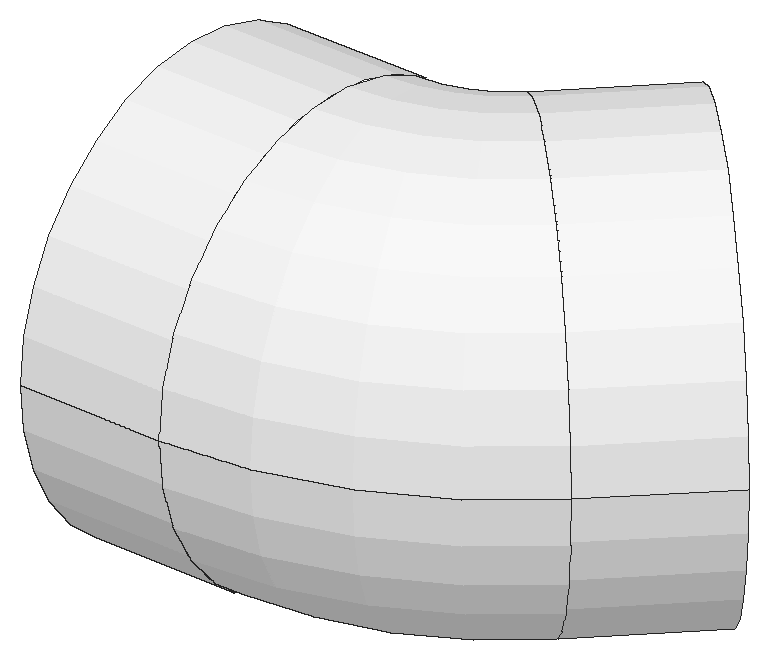
Revit family "BIMLIB_Уголок_90_РОСТерм", category Соединительные детали трубопроводов, Revit 2017
Family settings
  Размер круглого соединителя = Использовать диаметр
  Тип детали = Отвод
  На основе рабочей плоскости = Нет
  Всегда вертикально = Да
  При загрузке вырезать с полостями = Нет
  Общий = Нет
Parameters (values of type "BIMLIB_Уголок_90_РОСТерм")
  РТ_Угол поворота [instance] = 45.00°
  Описание = "Уголок 90"  # constant formula
  Метод определения потерь = Коэффициент K
  Материал фитинга = BIMLIB_Белый_РТ
  K Coefficient = 1.2  # constant formula
  Изготовитель = "РОСТерм"  # constant formula
  URL = "http://rostherm.ru/"
  РТ_L1 [instance] = size_lookup("наименование", "РТ_L1", 0 mm, РТ_DN)  # 27.5 mm
  РТ_L3 [instance] = РТ_L * tan(РТ_Угол поворота / 2)  # 18.433 mm
  РТ_L [instance] = РТ_D / 2 + 2 mm  # 44.5 mm
  РТ_DN [instance] = 63 mm
  РТ_D [instance] = size_lookup("наименование", "РТ_D", 0 mm, РТ_DN)  # 85 mm
  BL_Разработано = "support@bimlib.ru"  # constant formula
  BL_Email = "rostherm@bimlib.ru"  # constant formula
  BL_BIM library = "https://bimlib.pro/manufacturer/rosterm/1632/"
  ADSK_Расход жидкости [instance] = 0.0 L/s
  ADSK_Примечание = ""
  ADSK_Позиция = ""
  ADSK_Обозначение [instance] = "ГОСТ 32415-2013"  # constant formula
  ADSK_Наименование краткое [instance] = size_lookup("наименование", "", "-", РТ_DN, РТ_Угол поворота)  # "Отвод 63х45"
  ADSK_Наименование [instance] = size_lookup("наименование", "", "-", РТ_DN, РТ_Угол поворота)  # "Отвод 63х45"
  ADSK_Масса_Текст = ""
  ADSK_Масса [instance] = 0
  ADSK_Марка [instance] = size_lookup("наименование", "", "-", РТ_DN, РТ_Угол поворота)  # "Отвод 63х45"
  ADSK_Код изделия [instance] = size_lookup("артикул", "", "-", РТ_DN, РТ_Угол поворота)  # "BD12518"
  ADSK_Завод-изготовитель = "РОСТерм"  # constant formula
  ADSK_Единица измерения = "шт"  # constant formula
  ADSK_Версия Revit = "2017"
  ADSK_URL страницы изделия = "http://rostherm.ru/truby-i-fitingi-iz-polipropilena-pprt/"
  ADSK_URL документации изделия = "http://rostherm.ru/"
Types (2, lengths in mm): name | РТ_L1 | РТ_L3 | РТ_L | РТ_DN | РТ_D | ADSK_Наименование краткое | ADSK_Наименование | ADSK_Марка | ADSK_Код изделия
  BIMLIB_Уголок_90_РОСТерм | 27.5 | 18.433 | 44.5 | 63 | 85 | "Отвод 63х45" | "Отвод 63х45" | "Отвод 63х45" | "BD12518"
  BIMLIB_Уголок_45_90_РОСТерм | 14.5 | 6.835 | 16.5 | 20 | 29 | "Отвод 20х45" | "Отвод 20х45" | "Отвод 20х45" | "U45-20"
Reference planes
  plane 1 "По центру (Вперед/Назад)": y = 0
  plane 2: z = 0
  plane 3 "По центру (Влево/Вправо)": x = 0
  plane 4: x = -18.433
  plane 5: y = 44.5
  plane 6: x = -45.933
Forms (mm)
  Sweep 1, solid, material "BIMLIB_Белый_РТ", detail levels fine
    path in 3D
      loop
        line (32.479, 32.479, 0) -> (13.034, 13.034, 0)
        arc (13.034, 13.034, 0) -> (-1.403, 3.387, 0) -> (-18.433, 0, 0) r 44.5
        line (-18.433, 0, 0) -> (-45.933, 0, 0)
    profile origin (-32.183, 0, 0) x (0, -1, 0) y (0, 0, 1)
      loop
        circle (0, 0) r 42.5
Lines and regions (mm)
  reference lines
    curve 1: line (-18.433, 44.5, 0) -> (-18.433, 0, 0)
    curve 2: line (-18.433, 44.5, 0) -> (46.049, -19.981, 0)
    curve 3: arc (-18.433, 0, 0) -> (-1.403, 3.387, 0) -> (13.034, 13.034, 0) r 44.5
    curve 4: line (-18.433, 0, 0) -> (-45.933, 0, 0)
    curve 5: line (-15.218, 80.176, 0) -> (108.526, -43.568, 0)
    curve 6: line (13.034, 13.034, 0) -> (32.479, 32.479, 0)
  sketch lines
    curve 7: line (-18.433, 0, 0) -> (-45.933, 0, 0)
    curve 8: arc (-18.433, 0, 0) -> (-1.403, 3.387, 0) -> (13.034, 13.034, 0) r 44.5
    curve 9: line (13.034, 13.034, 0) -> (32.479, 32.479, 0)
  model lines
    curve 10: line (-45.933, 0, 0) -> (-18.433, 0, 0)
    curve 11: line (13.034, 13.034, 0) -> (32.479, 32.479, 0)
    curve 12: arc (-18.433, 0, 0) -> (-1.403, 3.387, 0) -> (13.034, 13.034, 0) r 44.5
Dimensions and locks
  "РТ_L": plane 1 "По центру (Вперед/Назад)" to plane 5
  "РТ_L3": plane 4 to plane 3 "По центру (Влево/Вправо)"
  "РТ_L1": plane 6 to plane 4
  "РТ_L1": curve 2 to curve 5
  "РТ_L1": curve 11 to curve 11
  "РТ_D": diameter of Sweep 1 sketch curve
  "РТ_Угол поворота": angle plane 4 to curve 2
  "РТ_Угол поворота": angle curve 3 to curve 3
  "РТ_Угол поворота": angle plane 3 "По центру (Влево/Вправо)" to curve 5
  angle curve 5 to curve 6 = 90.00°
  "РТ_Угол поворота": angle curve 12 to curve 12
  aligned and locked: level to plane 2
  aligned and locked: plane 5 to curve 2
  aligned and locked: plane 4 to curve 2
  aligned and locked: plane 4 to curve 3
  aligned and locked: curve 4 to plane 1 "По центру (Вперед/Назад)"
  aligned and locked: plane 6 to curve 4
  aligned and locked: plane 4 to curve 4
  aligned and locked: curve 2 to curve 6
  aligned and locked: plane 6 to curve 10
  aligned and locked: plane 4 to curve 10
  aligned and locked: curve 10 to curve 4
  aligned and locked: curve 6 to curve 11
  aligned and locked: curve 2 to curve 11
  aligned and locked: plane 5 to curve 12
  aligned and locked: plane 4 to curve 12
Automatic sketch dimensions
  curve 5 to plane 4 = 3.215 mm
  Sweep 1 sketch curve to profile plane = 0 mm  (x2)
Connectors
  piping at (-45.933, 0, 0), diameter 63, driven by "РТ_DN", driven by "РТ_Угол поворота"
    settings: on Sweep 1, index 1, connector inside diameter 609.6 mm, connector length 0 mm, flow factor 0, pipe flow 0.0 L/s, pressure drop 0.0 Pa, fitting loss kfactor 0, connector angle 45.00°, fixture units 0, engagement length 0 mm, angle of deflection 0.00°, flow configuration 0, flow direction 0, fitting loss method 0, system type 28, joint type 0, gender type 0, connector reference index 2, connector utility 0, adjustable connector no, is connector primary yes, connector description ""
  piping at (32.479, 32.479, 0), diameter 63, driven by "РТ_DN", driven by "РТ_Угол поворота"
    settings: on Sweep 1, index 2, connector inside diameter 609.6 mm, connector length 0 mm, flow factor 0, pipe flow 0.0 L/s, pressure drop 0.0 Pa, fitting loss kfactor 0, connector angle 45.00°, fixture units 0, engagement length 0 mm, angle of deflection 0.00°, flow configuration 0, flow direction 0, fitting loss method 0, system type 28, joint type 0, gender type 0, connector reference index 1, connector utility 0, adjustable connector no, is connector primary no, connector description ""
